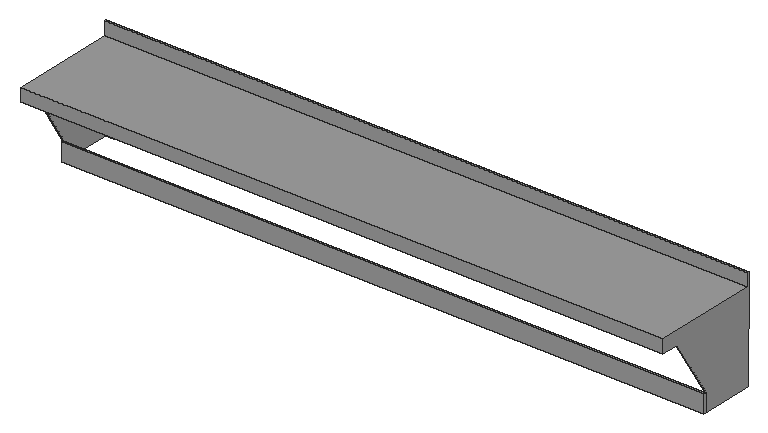
Revit family
Parameters (values of type "SLWS72")
  Width = 1' - 0"  # constant formula
  URL = "www.sspinc.net"
  Specification URL = "http://www.sspinc.net/sspweb/index.php?option=com_virtuemart&page=shop.browse&category_id=38&Itemid=73"
  Shelf Material = Metal - Steel - Stainless - Chrome
  Model Number = "SLWS72"
  Model = "Pot Rack"  # constant formula
  Manufacturer = "Elkay SSP, LLC"  # constant formula
  Length = 6' - 0"
  Height = 0' - 10"  # constant formula
  Dist of Shelf to Floor [instance] = 6' - 0"
  Description = "Wall Shelves with Pot Rack"  # constant formula
  Assembly Code = ""
Types (3): name | Model Number | Length
  SLWS48 | "SLWS48" | 4' - 0"
  SLWS60 | "SLWS60" | 5' - 0"
  SLWS72 | "SLWS72" | 6' - 0"
Reference planes (in)
  plane 1 "Center (Front/Back)": y = 0
  plane 2: z = 0
  plane 3 "Center (Left/Right)": x = 0
  plane 4 "Left": x = -36
  plane 5 "Right": x = 36
  plane 6 "Back": y = 6
  plane 7 "Front": y = -6
  plane 8 "Bottom": z = 62
  plane 9 "Top2": z = 72
  plane 10 "Right Side - Inside Edge": x = 35.875
  plane 11 "Left Side - Inside Edge": x = -35.875
  plane 12 "Back Side - Inside Edge": y = 5.875
  plane 13 "Shelf Top Underneath Face": z = 70.5
  plane 14 "Logo CL L-R": x = 31
  plane 15 "Shelf Support Angle Front": y = -4
  plane 16 "Shelf Support Angle Back": y = 0
  plane 17 "Logo CL F-B": y = 5.125
  plane 18 "Shelf Support Angle Bottom": z = 64
  plane 19 "Top of BackSplash": z = 73.5
  plane 20 "Rack Front Face": y = -0.25
  plane 21 "Back Support Left": x = -35
  plane 22 "Back Support Right": x = 35
Forms (in)
  Extrusion 1, solid, material "Metal - Steel - Stainless - Chrome" <- "Shelf Material"
    sketch origin (0, 0, 0) x (1, 0, 0) y (0, 1, 0)
      loop
        line (-36, 6) -> (-36, -6) -> (36, -6) -> (36, 6) -> (-36, 6)
    from 70.5 to 72
  Extrusion 2, solid, material "Metal - Steel - Stainless - Chrome" <- "Shelf Material"
    sketch origin (0, 0, 0) x (0, 1, 0) y (0, 0, 1)
      loop
        line (-4, 70.5) -> (0, 64) -> (0, 62) -> (6, 62) -> (6, 70.5) -> (-4, 70.5)
    from 35.875 to 36
  Extrusion 3, solid, material "Metal - Steel - Stainless - Chrome" <- "Shelf Material"
    sketch origin (0, 0, 0) x (0, 1, 0) y (0, 0, 1)
      loop
        line (-4, 70.5) -> (0, 64) -> (0, 62) -> (6, 62) -> (6, 70.5) -> (-4, 70.5)
    from -36 to -35.875
  Extrusion 4, solid, material "Metal - Steel - Stainless - Chrome" <- "Shelf Material"
    sketch origin (0, 0, 0) x (0, 1, 0) y (0, 0, 1)
      loop
        line (5.875, 73.5) -> (5.875, 72) -> (6, 72) -> (6, 73.5) -> (5.875, 73.5)
    from -36 to 36
  Extrusion 5, solid, material "Metal - Steel - Stainless - Chrome" <- "Shelf Material"
    sketch origin (0, 0, 0) x (0, 1, 0) y (0, 0, 1)
      loop
        line (-0.25, 64) -> (-0.25, 62) -> (0, 62) -> (0, 64) -> (-0.25, 64)
    from -36 to 36
  Extrusion 6, solid, material "Metal - Steel - Stainless - Chrome" <- "Shelf Material"
    sketch origin (0, 0, 0) x (1, 0, 0) y (0, 0, 1)
      loop
        line (-35, 70.5) -> (-35.875, 70.5) -> (-35.875, 62) -> (-35, 62) -> (-35, 70.5)
    from -6 to -5.875
  Extrusion 7, solid, material "Metal - Steel - Stainless - Chrome" <- "Shelf Material"
    sketch origin (0, 0, 0) x (1, 0, 0) y (0, 0, 1)
      loop
        line (35, 70.5) -> (35, 62) -> (35.875, 62) -> (35.875, 70.5) -> (35, 70.5)
    from -6 to -5.875
Cuts and joins
  joined: Extrusion 1, Extrusion 2, Extrusion 3, Extrusion 4, Extrusion 6, Extrusion 7
Lines and regions (in)
  Masking region 1
    outline origin (0, 0, 0) x (1, 0, 0) y (0, 1, 0)
      loop
        line (-36, 6) -> (-36, -6) -> (36, -6) -> (36, 6) -> (-36, 6)
  reference lines
    curve 1: arc (-36, 0, 70.125) -> (-35.70711, 0, 69.41789) -> (-35, 0, 69.125) r 1
    curve 2: line (0, -4, 70.5) -> (0, 0, 64)
  symbolic lines, style "GenericModelHiddenLines"
    curve 3: line (36, -0.25, 0) -> (-36, -0.25, 0)
    curve 4: line (-36, 0, 0) -> (36, 0, 0)
Dimensions and locks (in)
  equal spacing: plane 4 "Left", plane 3 "Center (Left/Right)", plane 5 "Right"
  equal spacing: plane 6 "Back", plane 1 "Center (Front/Back)", plane 7 "Front"
  "Width": plane 6 "Back" to plane 7 "Front"
  "Length": plane 4 "Left" to plane 5 "Right"
  "Dist of Shelf to Floor": plane 9 "Top2" to plane 2
  locked: plane 10 "Right Side - Inside Edge" to plane 5 "Right" at 0.125
  locked: plane 4 "Left" to plane 11 "Left Side - Inside Edge" at 0.125
  locked: plane 6 "Back" to plane 12 "Back Side - Inside Edge" at 0.125
  locked: plane 9 "Top2" to plane 13 "Shelf Top Underneath Face" at 1.5
  locked: plane 14 "Logo CL L-R" to plane 5 "Right" at 5
  "Height": plane 9 "Top2" to plane 8 "Bottom"
  locked: plane 15 "Shelf Support Angle Front" to plane 7 "Front" at 2
  locked: plane 6 "Back" to plane 16 "Shelf Support Angle Back" at 6
  locked: plane 6 "Back" to plane 17 "Logo CL F-B" at 0.875
  locked: plane 18 "Shelf Support Angle Bottom" to plane 8 "Bottom" at 2
  locked: plane 19 "Top of BackSplash" to plane 9 "Top2" at 1.5
  locked: plane 20 "Rack Front Face" to plane 16 "Shelf Support Angle Back" at 0.25
  locked: plane 22 "Back Support Right" to plane 5 "Right" at 1
  locked: plane 4 "Left" to plane 21 "Back Support Left" at 1
  aligned and locked: plane 4 "Left" to Extrusion 1 sketch curve
  aligned and locked: Extrusion 1 sketch curve to plane 7 "Front"
  aligned and locked: Extrusion 1 sketch curve to plane 6 "Back"
  aligned and locked: plane 9 "Top2" to Extrusion 1
  aligned and locked: Extrusion 1 to plane 13 "Shelf Top Underneath Face"
  aligned and locked: Extrusion 1 sketch curve to plane 5 "Right"
  aligned and locked: plane 14 "Logo CL L-R" to nested 1
  aligned and locked: plane 17 "Logo CL F-B" to nested 1
  aligned and locked: Extrusion 2 sketch curve to plane 13 "Shelf Top Underneath Face"
  aligned and locked: Extrusion 2 sketch curve to plane 8 "Bottom"
  aligned and locked: Extrusion 2 sketch curve to plane 16 "Shelf Support Angle Back"
  aligned and locked: Extrusion 2 sketch curve to plane 6 "Back"
  aligned and locked: Extrusion 2 sketch curve to curve 2
  aligned and locked: plane 5 "Right" to Extrusion 2
  aligned and locked: Extrusion 2 to plane 10 "Right Side - Inside Edge"
  aligned and locked: Extrusion 3 sketch curve to plane 13 "Shelf Top Underneath Face"
  aligned and locked: Extrusion 3 sketch curve to plane 16 "Shelf Support Angle Back"
  aligned and locked: Extrusion 3 sketch curve to curve 2
  aligned and locked: Extrusion 3 sketch curve to plane 8 "Bottom"
  aligned and locked: Extrusion 3 sketch curve to plane 6 "Back"
  aligned and locked: Extrusion 3 to plane 4 "Left"
  aligned and locked: plane 11 "Left Side - Inside Edge" to Extrusion 3
  aligned and locked: Extrusion 4 sketch curve to plane 19 "Top of BackSplash"
  aligned and locked: Extrusion 4 sketch curve to plane 6 "Back"
  aligned and locked: plane 9 "Top2" to Extrusion 4 sketch curve
  aligned and locked: plane 12 "Back Side - Inside Edge" to Extrusion 4 sketch curve
  aligned and locked: Extrusion 4 to plane 4 "Left"
  aligned and locked: plane 5 "Right" to Extrusion 4
  aligned and locked: plane 8 "Bottom" to Extrusion 5 sketch curve
  aligned and locked: Extrusion 5 sketch curve to plane 18 "Shelf Support Angle Bottom"
  aligned and locked: plane 20 "Rack Front Face" to Extrusion 5 sketch curve
  aligned and locked: Extrusion 5 sketch curve to plane 16 "Shelf Support Angle Back"
  aligned and locked: Extrusion 5 to plane 4 "Left"
  aligned and locked: plane 5 "Right" to Extrusion 5
  aligned and locked: Extrusion 6 sketch curve to plane 21 "Back Support Left"
  aligned and locked: Extrusion 6 sketch curve to plane 11 "Left Side - Inside Edge"
  aligned and locked: Extrusion 6 sketch curve to plane 8 "Bottom"
  aligned and locked: Extrusion 6 sketch curve to plane 13 "Shelf Top Underneath Face"
  aligned and locked: plane 6 "Back" to Extrusion 6
  aligned and locked: Extrusion 6 to plane 12 "Back Side - Inside Edge"
  aligned and locked: Extrusion 7 sketch curve to plane 10 "Right Side - Inside Edge"
  aligned and locked: plane 22 "Back Support Right" to Extrusion 7 sketch curve
  aligned and locked: Extrusion 7 sketch curve to plane 13 "Shelf Top Underneath Face"
  aligned and locked: Extrusion 7 sketch curve to plane 8 "Bottom"
  aligned and locked: Extrusion 7 to plane 6 "Back"
  aligned and locked: plane 12 "Back Side - Inside Edge" to Extrusion 7
  aligned and locked: Masking region 1 sketch curve to plane 5 "Right"
  aligned and locked: Masking region 1 sketch curve to plane 7 "Front"
  aligned and locked: plane 4 "Left" to Masking region 1 sketch curve
  aligned and locked: Masking region 1 sketch curve to plane 6 "Back"
Automatic sketch dimensions
  curve 1 to plane 4 "Left" = 0' - 0"
  curve 1 to plane 13 "Shelf Top Underneath Face" = 0' - 1 3/8"
  plane 11 "Left Side - Inside Edge" to curve 1 = 0' - 0 7/8"
  curve 2 to plane 13 "Shelf Top Underneath Face" = 0' - 0"
  curve 2 to plane 15 "Shelf Support Angle Front" = 0' - 0"
  curve 2 to plane 1 "Center (Front/Back)" = 0' - 0"
  curve 2 to plane 18 "Shelf Support Angle Bottom" = 0' - 0"
  curve 3 to plane 4 "Left" = 0' - 0"
  plane 1 "Center (Front/Back)" to curve 4 = 0' - 0"
  curve 4 to plane 4 "Left" = 0' - 0"
  curve 4 to plane 5 "Right" = 0' - 0"
  curve 3 to plane 5 "Right" = 0' - 0"
  curve 3 to plane 20 "Rack Front Face" = 0' - 0"
Nested families (in)
  nested 1: "logo-elkay-ssp-detail" at (31, 5.125, 0), type "logo-elkay-ssp-detail"
Definition of nested family "logo-elkay-ssp-detail"
  Parameters (values of type "logo-elkay-ssp-detail")
    Assembly Code = ""
  Reference planes (in)
    plane 1 "Center (Front/Back)": y = 0
    plane 2: z = 0
    plane 3 "Center (Left/Right)": x = 0
  Lines and regions (in)
    model lines, style "Light Lines", in view "Ref. Level"
      curve 1: line (-3.32285, -0.06136, 0) -> (-4.06065, -0.06136, 0)
      curve 2: line (-4.06065, -0.06136, 0) -> (-4.1052, -0.25903, 0)
      curve 3: line (-4.1052, -0.25903, 0) -> (-3.21308, -0.25903, 0)
      curve 4: line (-3.21308, -0.25903, 0) -> (-3.24121, -0.38381, 0)
      curve 5: line (-3.24121, -0.38381, 0) -> (-4.38592, -0.38381, 0)
      curve 6: line (-4.38592, -0.38381, 0) -> (-4.2221, 0.37099, 0)
      curve 7: line (-4.2221, 0.37099, 0) -> (-3.14692, 0.37099, 0)
      curve 8: line (-3.14692, 0.37099, 0) -> (-3.17697, 0.23769, 0)
      curve 9: line (-3.17697, 0.23769, 0) -> (-3.99255, 0.23769, 0)
      curve 10: line (-3.99255, 0.23769, 0) -> (-4.0323, 0.06136, 0)
      curve 11: line (-4.0323, 0.06136, 0) -> (-3.29519, 0.06136, 0)
      curve 12: line (-3.29519, 0.06136, 0) -> (-3.32285, -0.06136, 0)
      curve 13: line (-2.6687, 0.37099, 0) -> (-2.81391, -0.25903, 0)
      curve 14: line (-2.81391, -0.25903, 0) -> (-2.05871, -0.25903, 0)
      curve 15: line (-2.05871, -0.25903, 0) -> (-2.08684, -0.38381, 0)
      curve 16: line (-2.08684, -0.38381, 0) -> (-3.09595, -0.38381, 0)
      curve 17: line (-3.09595, -0.38381, 0) -> (-2.93213, 0.37099, 0)
      curve 18: line (-2.93213, 0.37099, 0) -> (-2.6687, 0.37099, 0)
      curve 19: line (-0.64402, 0.37099, 0) -> (-0.90842, 0.37099, 0)
      curve 20: line (-0.90842, 0.37099, 0) -> (-1.67841, -0.0469, 0)
      curve 21: line (-1.67841, -0.0469, 0) -> (-1.57913, 0.37099, 0)
      curve 22: line (-1.57913, 0.37099, 0) -> (-1.84806, 0.37099, 0)
      curve 23: line (-1.84806, 0.37099, 0) -> (-2.01188, -0.38381, 0)
      curve 24: line (-2.01188, -0.38381, 0) -> (-1.7563, -0.38381, 0)
      curve 25: line (-1.7563, -0.38381, 0) -> (-1.71799, -0.21251, 0)
      curve 26: line (-1.71799, -0.21251, 0) -> (-1.43517, -0.06668, 0)
      curve 27: line (-1.43517, -0.06668, 0) -> (-1.0752, -0.38302, 0)
      curve 28: line (-1.0752, -0.38302, 0) -> (-0.71907, -0.38302, 0)
      curve 29: line (-0.71907, -0.38302, 0) -> (-1.21254, 0.0523, 0)
      curve 30: line (-1.21254, 0.0523, 0) -> (-0.64912, 0.37099, 0)
      curve 31: line (0.08918, 0.26288, 0) -> (0.26729, -0.08711, 0)
      curve 32: line (0.26729, -0.08711, 0) -> (-0.20629, -0.08711, 0)
      curve 33: line (-0.20629, -0.08711, 0) -> (0.08918, 0.26288, 0)
      curve 34: line (0.34973, -0.25251, 0) -> (0.4165, -0.38302, 0)
      curve 35: line (0.4165, -0.38302, 0) -> (0.70132, -0.38302, 0)
      curve 36: line (0.70132, -0.38302, 0) -> (0.33383, 0.37099, 0)
      curve 37: line (0.33383, 0.37099, 0) -> (0.0006, 0.37099, 0)
      curve 38: line (0.0006, 0.37099, 0) -> (-0.67302, -0.38302, 0)
      curve 39: line (-0.67302, -0.38302, 0) -> (-0.46788, -0.38302, 0)
      curve 40: line (-0.46788, -0.38302, 0) -> (-0.3476, -0.25251, 0)
      curve 41: line (-0.3476, -0.25251, 0) -> (0.34973, -0.25251, 0)
      curve 42: line (0.56187, 0.37099, 0) -> (0.87618, 0.37099, 0)
      curve 43: line (0.87618, 0.37099, 0) -> (1.20045, 0.00137, 0)
      curve 44: line (1.20045, 0.00137, 0) -> (1.65515, 0.37099, 0)
      curve 45: line (1.65515, 0.37099, 0) -> (1.84822, 0.37099, 0)
      curve 46: line (1.84822, 0.37099, 0) -> (1.2574, -0.11624, 0)
      curve 47: line (0.57295, 0.37099, 0) -> (1.00835, -0.11016, 0)
      curve 48: line (1.00835, -0.11016, 0) -> (0.94407, -0.38302, 0)
      curve 49: line (0.94407, -0.38302, 0) -> (1.19982, -0.38302, 0)
      curve 50: line (1.19982, -0.38302, 0) -> (1.2574, -0.11624, 0)
      curve 51: arc (2.52563, -0.41963, 0) -> (2.55578, -0.40042, 0) -> (2.5511, -0.36497, 0) r 0.03326
      curve 52: arc (2.46024, 0.37099, 0) -> (2.23746, 0.22901, 0) -> (2.27207, -0.03289, 0) r 0.24577
      curve 53: arc (3.26518, 0.1338, 0) -> (3.22745, 0.10965, 0) -> (3.23358, 0.06528, 0) r 0.04155
      curve 54: arc (3.33528, -0.6502, 0) -> (3.54975, -0.51639, 0) -> (3.51615, -0.26584, 0) r 0.23308
      curve 55: arc (3.29628, -0.70696, 0) -> (3.41982, -0.6722, 0) -> (3.50727, -0.57827, 0) r 0.23766
      curve 56: arc (3.2186, -0.41963, 0) -> (3.25205, -0.39818, 0) -> (3.24651, -0.35884, 0) r 0.03681
      curve 57: arc (3.15289, 0.37099, 0) -> (2.93027, 0.22824, 0) -> (2.96709, -0.03364, 0) r 0.24497
      curve 58: arc (2.633, -0.64933, 0) -> (2.85307, -0.50732, 0) -> (2.81371, -0.24838, 0) r 0.24106
      curve 59: arc (2.57187, 0.13545, 0) -> (2.53153, 0.10936, 0) -> (2.53876, 0.06187, 0) r 0.04424
      curve 60: arc (2.55732, 0.07873, 0) -> (2.54756, 0.0776, 0) -> (2.53831, 0.07426, 0) r 0.04262
      curve 61: arc (2.92714, 0.22115, 0) -> (2.87312, 0.06226, 0) -> (2.93286, -0.09457, 0) r 0.24753
      curve 62: arc (2.23855, 0.23132, 0) -> (2.17681, 0.0715, 0) -> (2.23443, -0.08985, 0) r 0.24592
      curve 63: arc (3.88486, -0.44269, 0) -> (4.12885, -0.30718, 0) -> (4.32958, -0.11327, 0) r 1.0718
      curve 64: arc (4.32958, -0.11327, 0) -> (4.38535, 0.16386, 0) -> (4.19297, 0.37099, 0) r 0.30993
      curve 65: arc (3.88486, -0.48319, 0) -> (4.13375, -0.33012, 0) -> (4.32958, -0.11327, 0) r 1.02892
      curve 66: arc (4.32958, -0.11327, 0) -> (4.38773, 0.0419, 0) -> (4.36981, 0.20663, 0) r 0.35813
      curve 67: arc (3.97545, 0.1338, 0) -> (4.02101, 0.1288, 0) -> (4.0644, 0.11404, 0) r 0.21001
      curve 68: arc (4.0644, 0.11404, 0) -> (4.10051, 0.07497, 0) -> (4.09899, 0.0218, 0) r 0.07042
      curve 69: arc (4.09899, 0.0218, 0) -> (4.08251, -0.0082, 0) -> (4.06114, -0.03492, 0) r 0.19865
      curve 70: arc (4.06114, -0.03492, 0) -> (3.97859, -0.10823, 0) -> (3.88498, -0.16674, 0) r 0.65976
      curve 71: arc (3.93761, 0.07708, 0) -> (3.98316, 0.07208, 0) -> (4.02655, 0.05732, 0) r 0.21001
      curve 72: arc (4.02655, 0.05732, 0) -> (4.05187, 0.03848, 0) -> (4.06773, 0.0112, 0) r 0.07853
      curve 73: arc (4.06773, 0.0112, 0) -> (4.06991, -0.01264, 0) -> (4.06114, -0.03492, 0) r 0.05183
      curve 74: line (2.57187, 0.13545, 0) -> (2.84882, 0.13545, 0)
      curve 75: line (2.84882, 0.13545, 0) -> (2.77849, 0.37099, 0)
      curve 76: line (2.77849, 0.37099, 0) -> (2.46024, 0.37099, 0)
      curve 77: line (2.27207, -0.03289, 0) -> (2.5511, -0.36497, 0)
      curve 78: line (3.34243, -0.6502, 0) -> (2.02856, -0.6502, 0)
      curve 79: line (2.02856, -0.6502, 0) -> (1.96102, -0.41963, 0)
      curve 80: line (1.96102, -0.41963, 0) -> (2.52563, -0.41963, 0)
      curve 81: line (1.97764, -0.47635, 0) -> (1.92318, -0.47635, 0)
      curve 82: line (1.92318, -0.47635, 0) -> (1.99066, -0.70813, 0)
      curve 83: line (1.99066, -0.70813, 0) -> (3.29628, -0.70813, 0)
      curve 84: line (3.88486, -0.44269, 0) -> (3.88486, -0.65187, 0)
      curve 85: line (3.88486, -0.65187, 0) -> (3.62132, -0.65187, 0)
      curve 86: line (3.62132, -0.65187, 0) -> (3.62132, 0.1338, 0)
      curve 87: line (3.62132, 0.1338, 0) -> (3.26518, 0.1338, 0)
      curve 88: line (3.84701, -0.65187, 0) -> (3.84701, -0.70859, 0)
      curve 89: line (3.84701, -0.70859, 0) -> (3.58348, -0.70859, 0)
      curve 90: line (3.58348, -0.70859, 0) -> (3.58348, 0.07708, 0)
      curve 91: line (3.58348, 0.07708, 0) -> (3.2265, 0.07708, 0)
      curve 92: line (3.97545, 0.1338, 0) -> (3.88498, 0.1338, 0)
      curve 93: line (3.88498, 0.1338, 0) -> (3.88498, -0.16674, 0)
      curve 94: line (3.15289, 0.37099, 0) -> (4.19297, 0.37099, 0)
      curve 95: line (2.79404, 0.13545, 0) -> (2.81098, 0.07873, 0)
      curve 96: line (2.81098, 0.07873, 0) -> (2.55732, 0.07873, 0)
      curve 97: line (2.8741, -0.41963, 0) -> (3.2186, -0.41963, 0)
      curve 98: line (3.23358, 0.06528, 0) -> (3.53073, -0.28292, 0)
      curve 99: line (2.96709, -0.03364, 0) -> (3.24651, -0.35884, 0)
      curve 100: line (2.53876, 0.06187, 0) -> (2.81371, -0.24838, 0)
      curve 101: line (2.93286, -0.09457, 0) -> (3.21217, -0.41963, 0)
      curve 102: line (2.23443, -0.08985, 0) -> (2.51152, -0.41963, 0)
      curve 103: line (3.88498, 0.07708, 0) -> (3.93761, 0.07708, 0)
